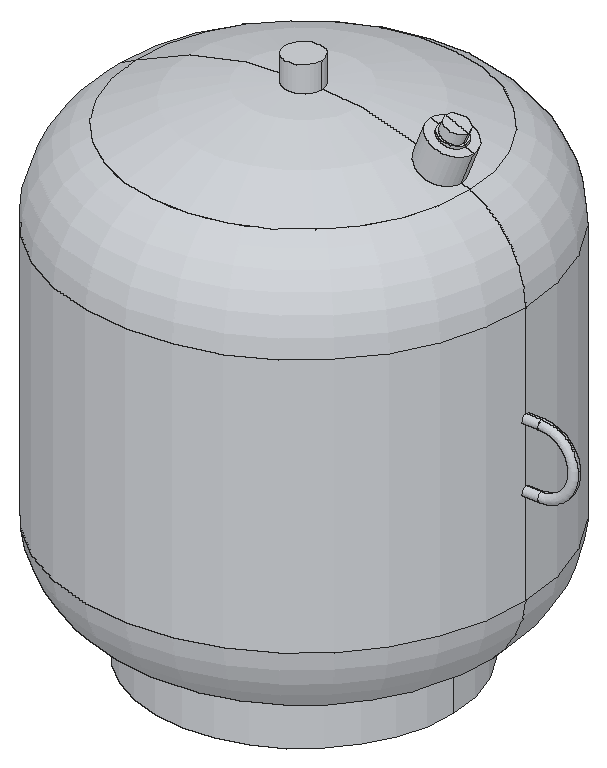
Revit family
Parameters (values of type "AX-80V 125# W.P.")
  Weight = "167 lbs"
  Tank Volume = "44.4 Gal"
  Tank Only/Less Stand = 27.250"
  Tank Height = 27.750"
  Tank Diameter = 24.000"
  Pipe Connector Diameter = Pipe Connection Radius * 2  # 1.000"
  Pipe Connection Radius = 0.500"
  Model = "AX-80V"
  Maximum Acceptance Volume = "29.0 Gal"
  Max Operating Temp = "240 DEG F"
  Max Operating Pressure = "125 PSI"
  Manufacturer = "Amtrol"
  Lifting Ring Location = Tank Height / 2  # 13.875"
  Floor to Bottom of Tank = 0.500"
  Bladder/Diaphragm = "Diaphragm"
  ASME = no
Types (5): name | Weight | Tank Volume | Tank Only/Less Stand | Tank Height | Model | Max Operating Pressure | Lifting Ring Location | Floor to Bottom of Tank
  (no name) | "167 lbs" | "44.4 Gal" | 27.250" | 27.750" | "AX-80V" | "125 PSI" | 13.875" | 0.500"
  AX-80V 125# W.P. | "167 lbs" | "44.4 Gal" | 27.250" | 27.750" | "AX-80V" | "125 PSI" | 13.875" | 0.500"
  AX-100V 125# W.P. | "179 lbs" | "55.7 Gal" | 31.750" | 32.375" | "AX-100V" | "125 PSI" | 16.1875" | 0.625"
  AX-80V 150# W.P. | "167 lbs" | "44.4 Gal" | 27.250" | 27.750" | "AX-80V" | "150 PSI" | 13.875" | 0.500"
  AX-100V 150# W.P. 10 BAR | "187 lbs" | "55.7 Gal" | 31.750" | 32.375" | "AX-100V" | "150 PSI" | 16.1875" | 0.625"
Reference planes (in)
  plane 1 "Center (Front/Back)": y = 0
  plane 2: z = 0
  plane 3 "Center (Left/Right)": x = 0
Forms (in)
  Sweep 1, solid
    path origin (-0.03347, 0, 9.85096) x (1, 0, 0) y (0, 0, 1)
      loop
        line (0.03347, 17.80773) -> (0.03347, 19.21758)
    profile origin (0, 0, 28.36361) x (-1, 0, 0) y (0, -1, 0)
      loop
        circle (0, 0) r 1
  Revolve 2, solid
    sketch origin (4.03528, 0, 7.58179) x (-1, 0, 0) y (0, 0, 1)
      loop
        line (-3.33687, 18.67086) -> (-2.17783, 19.13915) -> (-2.8332, 20.76125) -> (-3.2968, 20.57395) -> (-3.35126, 20.70875) -> (-3.44818, 20.6696) -> (-3.66914, 21.2165) -> (-4.26767, 20.97467) -> (-3.33687, 18.67086)
      axis (-3.33687, 18.67086) -> (-4.26767, 20.97467)
    angle from 0 to 360
  Sweep 3, solid
    path origin (3.77252, 0, -0.09417) x (-1, 0, 0) y (0, 0, 1)
      loop
        line (-8.1665, 15.71917) -> (-9.104, 15.71917)
        arc (-9.104, 15.71917) -> (-10.854, 13.96917) -> (-9.104, 12.21917) r 1.75
        line (-9.104, 12.21917) -> (-8.1665, 12.21917)
    profile origin (12.40777, 0, 15.625) x (0, 0, 1) y (0, -1, 0)
      loop
        circle (0, 0) r 0.25
  Revolve 4, solid
    sketch origin (0, 0, 0) x (1, 0, 0) y (0, 0, 1)
      loop
        line (-12.00007, 20.98294) -> (-12.00007, 6.78918)
        arc (-12.00007, 6.78918) -> (-11.21851, 4.52383) -> (-9.48245, 2.87193) r 5.06124
        arc (-9.48245, 2.87193) -> (-4.9062, 1.02642) -> (0, 0.5) r 17.90641
        line (0, 0.5) -> (0, 27.75)
        arc (0, 27.75) -> (-4.64438, 27.2688) -> (-9.00652, 25.60337) r 17.90851
        arc (-9.00652, 25.60337) -> (-11.18627, 23.73565) -> (-12.00007, 20.98294) r 5.0625
      axis (0, 0.5) -> (0, 27.75)
    angle from 0 to 360
  Revolve 5, solid
    sketch origin (0, 0, 0) x (1, 0, 0) y (0, 0, 1)
      loop
        line (-8.12507, 0) -> (-7.87507, 0) -> (-7.87507, 2.25) -> (-8.12507, 2.25) -> (-8.12507, 0)
      axis (0, 0) -> (0, 2.25)
    angle from 0 to 360
Dimensions and locks (in)
  Revolve 2 sketch curve to Revolve 2 sketch curve = 1.7495"
  Revolve 2 sketch curve to Revolve 2 sketch curve = 2.48474"
  Revolve 2 sketch curve to Revolve 2 sketch curve = 1.89489"
  "Floor to Bottom of Tank": Revolve 4 sketch curve to level
  "Tank Only/Less Stand": Revolve 4 sketch curve to Revolve 4 sketch curve
  locked: Revolve 4 sketch curve to Revolve 4 sketch curve at 12.86554
  locked: Revolve 4 sketch curve to Revolve 4 sketch curve at 12.84517
  Revolve 2 sketch curve to Revolve 4 = 0.64929"
  Revolve 2 sketch curve to Revolve 4 = 1.11757"
  Sweep 1 sketch curve to Revolve 4 = 2.05532"
  "Lifting Ring Location": Sweep 3 sketch curve to level
  locked: Revolve 4 sketch curve to Revolve 4 sketch curve at 12.00007
  aligned and locked: plane 3 "Center (Left/Right)" to Sweep 1 sketch curve
  aligned and locked: import instance to plane 1 "Center (Front/Back)"
Automatic sketch dimensions
  plane 1 "Center (Front/Back)" to Sweep 1 sketch curve = 0.000"
  Sweep 1 sketch curve to profile plane = 0.000"
  Revolve 2 sketch curve to plane 3 "Center (Left/Right)" = 8.36342"
  Revolve 2 sketch curve to Revolve 2 sketch curve = 0.06047"
  Revolve 2 sketch curve to Revolve 2 sketch curve = 0.22096"
  Revolve 2 sketch curve to Revolve 2 sketch curve = 0.09692"
  Revolve 2 sketch curve to Revolve 2 sketch curve = 0.46359"
  Revolve 2 sketch curve to Revolve 2 sketch curve = 0.52444"
  Revolve 2 sketch curve to Revolve 2 sketch curve = 1.29804"
  Revolve 2 sketch curve to Revolve 2 sketch curve = 0.14968"
  Sweep 3 sketch curve to plane 3 "Center (Left/Right)" = 12.87652"
  Sweep 3 sketch curve to Sweep 3 sketch curve = 0.9375"  (x2)
  Sweep 3 sketch curve to Sweep 3 sketch curve = 1.750"
  Sweep 3 sketch curve to plane 1 "Center (Front/Back)" = 0.000"
  profile plane to Sweep 3 sketch curve = 0.000"
  Revolve 4 sketch curve to plane 3 "Center (Left/Right)" = 0.000"  (x2)
  Revolve 4 sketch curve to level = 0.000"
  Revolve 4 sketch curve to plane 3 "Center (Left/Right)" = 0.49234"
  Revolve 4 sketch curve to plane 3 "Center (Left/Right)" = 0.56099"
  Revolve 4 sketch curve to Revolve 4 sketch curve = 2.06894"
  level to Revolve 4 sketch curve = 2.87193"
  Revolve 4 sketch curve to Revolve 4 sketch curve = 2.52164"
  Revolve 4 sketch curve to Revolve 4 sketch curve = 0.000"
  Revolve 4 sketch curve to Revolve 4 sketch curve = 5.0625"
  Revolve 4 sketch curve to Revolve 4 sketch curve = 10.250"
  Sweep 1 sketch curve to Sweep 1 sketch curve = 1.40985"
  Revolve 5 sketch curve to level = 0.000"
  Revolve 5 sketch curve to plane 3 "Center (Left/Right)" = 0.000"
  Revolve 5 sketch curve to Revolve 5 sketch curve = 0.250"
  Revolve 5 sketch curve to level = 0.55477"
  level to Revolve 5 sketch curve = 2.250"
  level to Revolve 5 sketch curve = 6.78918"
  Revolve 5 sketch curve to plane 3 "Center (Left/Right)" = 7.87507"
  radius of Sweep 1 sketch curve = 1.000"
  radius of Sweep 3 sketch curve = 0.250"
Connectors (in)
  piping at (0, 0, 29.06854), driven by "Pipe Connection Radius"
    settings: on Sweep 1, index 1
